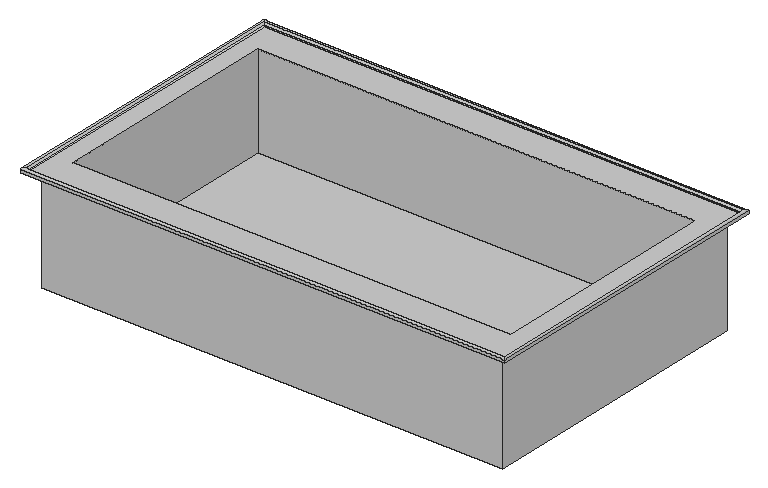
Revit family "QF_VOLLRATH_36442R", category Specialty Equipment, Revit 2016
Family settings
  Part Type = Normal
  Round Connector Dimension = Use Diameter
  OmniClass Number = 23.40.40.14.24.14
  OmniClass Title = Service Line Equipment
  Work Plane-Based = Yes
  Always vertical = Yes
  Cut with Voids When Loaded = Yes
  Shared = No
  Room Calculation Point = No
Parameters (values of type "36442R")
  Weight in Pounds = 0
  Waste Water Discharge Temperature [instance] = 0 °F
  Waste Remarks = ""
  URL Cutsheet = "www.vollrathfoodservice.com/downloads/59989/SPCDrop-inRemoteRefrigNSF7StndrdColdPanL35708en2013-07-30-pdf"
  URL = "www.vollrathfoodservice.com"
  Status [instance] = ""
  Specification by User [instance] = ""
  Specification by Manufacturer = ""
  Serial Number = ""
  Seismic Rating = ""
  SMACNA No = ""
  Revision Code [instance] = ""
  Refrigerant Volume = 0.00 kip
  Refrigerant Type [instance] = "R290"
  Plumbing Remarks [instance] = ""
  Plumbing Connection Type [instance] = ""
  NAFEM Spec ID Number = ""
  Model = "36442R"
  Masterspec = ""
  Manufacturer = "VOLLRATH US"
  Item Number [instance] = ""
  Installed By [instance] = ""
  Identify Quantity as Lot [instance] = no
  Furnished By [instance] = ""
  Foodservice Equipment Identifier [instance] = yes
  Direct Waste Size = 1"
  Direct Waste RI Height = 0"
  Direct Waste Flow = 0 GPM
  Direct Waste Connection Height = 0"
  Description = "THREE-WELL REMOTE REFRIGERATED STANDARD DROP-IN COLD WELL"
  Default Elevation = 0"
  CSI MasterFormat = ""
  BTUH = 2300.0 Btu/h
  Author = ""
  Assembly Code = "E1090320"
Reference planes (in)
  plane 1 "Back": y = 0
  plane 2: z = 0
  plane 3 "Left": x = 0
  plane 4 "Front": y = -26
  plane 5 "Top": z = 0
  plane 6 "Right": x = 41.5
Forms (in)
  Extrusion 1, void
    sketch origin (0, 0, 0) x (1, 0, 0) y (0, 1, 0)
      loop
        line (41.125, -0.375) -> (0.375, -0.375) -> (0.375, -25.625) -> (41.125, -25.625) -> (41.125, -0.375)
    from 3.27425 to -8.875
  Extrusion 2, solid
    sketch origin (0, 0, 0) x (1, 0, 0) y (0, 1, 0)
      loop
        line (40.875, -0.625) -> (0.625, -0.625) -> (0.625, -25.375) -> (40.875, -25.375) -> (40.875, -0.625)
      loop
        line (2, -3.0625) -> (2, -22.9375) -> (39.5, -22.9375) -> (39.5, -3.0625) -> (2, -3.0625)
    from 0 to 0.14643
  Extrusion 3, solid
    sketch origin (0, 0, 0) x (1, 0, 0) y (0, 1, 0)
      loop
        line (2, -3.0625) -> (2, -22.9375) -> (39.5, -22.9375) -> (39.5, -3.0625) -> (2, -3.0625)
      loop
        line (1, -1) -> (1, -25) -> (40.5, -25) -> (40.5, -1) -> (1, -1)
    from -8.875 to 0
  Sweep 4, solid
    path origin (0, 0, 0) x (1, 0, 0) y (0, 1, 0)
      loop
        line (0.34375, -0.34375) -> (0.34375, -25.65625) -> (41.15625, -25.65625) -> (41.15625, -0.34375) -> (0.34375, -0.34375)
    profile origin (20.75, -0.34375, 0) x (0, 1, 0) y (0, 0, 1)
      loop
        line (0.34375, 0) -> (0.34375, 0.24548)
        arc (0.34375, 0.24548) -> (0.25632, 0.36797) -> (0.11207, 0.3251) r 0.12952
        line (0.11207, 0.3251) -> (0.00446, 0.18703)
        arc (0.00446, 0.18703) -> (-0.03241, 0.15713) -> (-0.07866, 0.14643) r 0.10539
        line (-0.07866, 0.14643) -> (-0.28125, 0.14643) -> (-0.28125, 0) -> (0.34375, 0)
  Extrusion 5, solid
    sketch origin (7.75, -4, 1.875) x (1, 0, 0) y (0, 1, 0)
      loop
        circle (13, -9) r 0.5
      loop
        circle (13, -9) r 0.75
    from -9.68 to -10.75
  Extrusion 6, solid
    sketch origin (0, 0, 2.5) x (1, 0, 0) y (0, 1, 0)
      loop
        line (39.5, -3.0625) -> (2, -3.0625) -> (2, -22.9375) -> (39.5, -22.9375) -> (39.5, -3.0625)
      loop
        circle (20.75, -13) r 0.75
    from -11.375 to -10.305
Cuts and joins
  joined: Extrusion 2, Extrusion 3, Sweep 4, Extrusion 6
Lines and regions (in)
  symbolic lines, style "200-EquipBorder-2D"
    curve 1: line (41.5, 0, 0) -> (0, 0, 0)
    curve 2: line (41.5, -26, 0) -> (41.5, 0, 0)
    curve 3: line (0, 0, 0) -> (0, -26, 0)
    curve 8: line (0, -26, 0) -> (41.5, -26, 0)
  symbolic lines, style "200-EquipInternal-2D"
    curve 4: line (39.5, -3.0625, 0) -> (2, -3.0625, 0)
    curve 5: line (39.5, -22.9375, 0) -> (39.5, -3.0625, 0)
    curve 6: line (2, -22.9375, 0) -> (39.5, -22.9375, 0)
    curve 7: line (2, -3.0625, 0) -> (2, -22.9375, 0)
    curve 9: arc (20.25, -13, 0) -> (20.75, -12.5, 0) -> (21.25, -13, 0) r 0.5
    curve 10: arc (21.25, -13, 0) -> (20.75, -13.5, 0) -> (20.25, -13, 0) r 0.5
    curve 11: arc (21.5, -13, 0) -> (20.75, -12.25, 0) -> (20, -13, 0) r 0.75
    curve 12: arc (20, -13, 0) -> (20.75, -13.75, 0) -> (21.5, -13, 0) r 0.75
Dimensions and locks (in)
  plane 3 "Left" to plane 6 "Right" = 41 1/2"
  plane 4 "Front" to plane 1 "Back" = 26"
  aligned and locked: level to plane 2
Connectors (in)
  piping at (20.75, -13, -8.875), diameter 1, driven by "Direct Waste Flow", driven by "Direct Waste Size"
    settings: on cut or joined group of Extrusion 2, Extrusion 3, Sweep 4, Extrusion 6, index 2, connector inside diameter 24", connector length 0", flow factor 0, pipe flow 0 GPM, pressure drop 0.00 psi, fitting loss kfactor 0, connector angle 0.00°, fixture units 0, engagement length 0", angle of deflection 0.00°, flow configuration 1, flow direction 2, fitting loss method 0, system type 16, joint type 0, gender type 0, connector reference index -1, connector utility 0, adjustable connector no, is connector primary yes, connector description "Drain"
  piping at (37.5, -4, -8.875), diameter 0.3125
    settings: on Extrusion 3, index 3, connector inside diameter 24", connector length 0", flow factor 0, pipe flow 0 GPM, pressure drop 0.00 psi, fitting loss kfactor 0, connector angle 0.00°, fixture units 0, engagement length 0", angle of deflection 0.00°, flow configuration 1, flow direction 1, fitting loss method 0, system type 22, joint type 0, gender type 0, connector reference index -1, connector utility 0, adjustable connector no, is connector primary no, connector description "Refrigeration inlet"
  piping at (36.5, -4, -8.875), diameter 0.3125
    settings: on Extrusion 3, index 4, connector inside diameter 24", connector length 0", flow factor 0, pipe flow 0 GPM, pressure drop 0.00 psi, fitting loss kfactor 0, connector angle 0.00°, fixture units 0, engagement length 0", angle of deflection 0.00°, flow configuration 1, flow direction 2, fitting loss method 0, system type 22, joint type 0, gender type 0, connector reference index -1, connector utility 0, adjustable connector no, is connector primary no, connector description "Refrigeration outlet"
